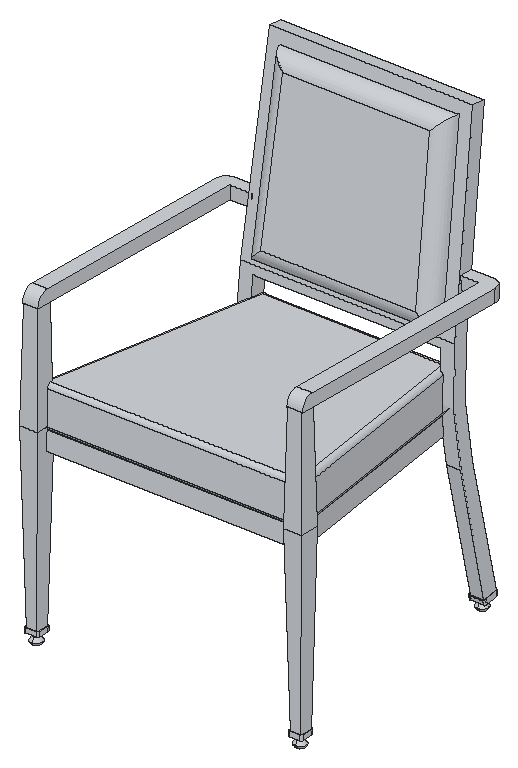
Revit family "Falcon-Metal-Tufgrain_9209-1", category Furniture, Revit 2017
Family settings
  OmniClass Number = 23.40.20.00
  Work Plane-Based = No
  Always vertical = Yes
  Cut with Voids When Loaded = No
  Shared = No
  Room Calculation Point = No
Parameters (values of type "9209-1")
  Width = 23.01254"
  URL = "URL"
  Seat Material [instance] = none
  Product Documentation Link = "URL"
  Model = "9209-1 Arm Chair"
  Manufacturer = "Manuf"
  Inside Backrest Material [instance] = none
  Height = 37.15107"
  Frame Material [instance] = none
  Description = "Tufgrain Arm Chair"
  Depth = 23.48213"
  Copyright © = "Inc"
  Outside Backrest Material [instance] = none
  Assembly Code = "E2020200"
Reference planes
  plane 1 "Center (Front/Back)": y = 0
  plane 2: z = 0
  plane 3 "Center (Left/Right)": x = 0
  plane 4 "Left": x = -292.259
  plane 5 "Right": x = 292.259
  plane 6: through (0, -237.364, 403.699) normal (0, -0.0357, -0.9994)
  plane 7: through (0, 144.761, 650.64) normal (0, 0.1534, -0.9882)
  plane 8: y = 298.223
  plane 9: y = -298.223
  plane 10: through (0, 227.857, 646.17) normal (0, 0.0294, 0.9996)
  plane 11: through (-213.475, -1524, 883.411) normal (0.9996, 0, -0.0281)
  plane 12: through (0, 269.56, 869.531) normal (0, -0.9892, 0.1466)
  plane 13: z = 943.637
Forms (mm)
  Revolve 1, solid
    sketch origin (-274.958, -11.747, 0) x (0, 1, 0) y (0, 0, -1)
      loop
        line (-267.038, -21.044) -> (-262.973, -21.044) -> (-261.427, -12.44) -> (-254.896, -3.773) -> (-257.538, 0) -> (-267.038, 0) -> (-267.038, -21.044)
      axis (-267.038, 0) -> (-267.038, -21.044)
    angle from 0 to 360
  Extrusion 2, void
    sketch origin (0, 0, 0) x (1, 0, 0) y (0, 1, 0)
      loop
        line (-214.022, 233.144) -> (-214.022, 325.219) -> (-341.022, 325.219) -> (-341.022, -335.181) -> (-292.259, -335.181) -> (-292.259, 207.744)
        arc (-292.259, 207.744) -> (-284.82, 225.704) -> (-266.859, 233.144) r 25.4
        line (-266.859, 233.144) -> (-214.022, 233.144)
      loop
        line (-259.76, 207.007) -> (-259.76, -335.181) -> (-196.767, -335.181) -> (-196.767, 207.007) -> (-259.76, 207.007)
      loop
        line (214.022, 233.144) -> (266.859, 233.144)
        arc (266.859, 233.144) -> (284.82, 225.704) -> (292.259, 207.744) r 25.4
        line (292.259, 207.744) -> (292.259, -335.181) -> (341.022, -335.181) -> (341.022, 325.219) -> (214.022, 325.219) -> (214.022, 233.144)
      loop
        line (259.76, 207.007) -> (196.767, 207.007) -> (196.767, -335.181) -> (259.76, -335.181) -> (259.76, 207.007)
    from 602.332 to 680.072
  Extrusion 3, solid, material <- "Frame Material"
    sketch origin (0, 0, 0) x (0, 1, 0) y (0, 0, 1)
      loop
        line (241.295, 645.775) -> (-268.011, 660.759)
        spline (-268.011, 660.759) -> (-271.253, 660.621) -> (-274.454, 660.019) -> (-277.558, 658.964) -> (-280.513, 657.474) -> (-283.268, 655.574) -> (-285.775, 653.296) -> (-287.991, 650.68) -> (-289.88, 647.771) -> (-291.408, 644.617) -> (-292.55, 641.274) -> (-293.285, 637.798) -> (-293.602, 634.249)
        line (-293.602, 634.249) -> (240.494, 618.535) -> (241.295, 645.775)
    from -325.585 to -214.022
  Extrusion 4, solid, material <- "Frame Material"
    sketch origin (0, 0, 0) x (0, 1, 0) y (0, 0, -1)
      loop
        line (241.295, -645.775) -> (240.494, -618.535) -> (-293.602, -634.249)
        spline (-293.602, -634.249) -> (-293.285, -637.798) -> (-292.55, -641.274) -> (-291.408, -644.617) -> (-289.88, -647.771) -> (-287.991, -650.68) -> (-285.775, -653.296) -> (-283.268, -655.574) -> (-280.513, -657.474) -> (-277.558, -658.964) -> (-274.454, -660.019) -> (-271.253, -660.621) -> (-268.011, -660.759)
        line (-268.011, -660.759) -> (241.295, -645.775)
    from -325.585 to -214.022
  Extrusion 5, solid, material <- "Frame Material"
    sketch origin (0, 0, 0) x (0, 1, 0) y (0, 0, 1)
      loop
        line (-258.223, 406.446) -> (-262.71, 633.34) -> (-293.718, 634.252) -> (-298.223, 406.446) -> (-290.723, 21.446) -> (-265.723, 21.446) -> (-258.223, 406.446)
    from -304.8 to 304.8
  Extrusion 6, void
    sketch origin (0, 0, 0) x (1, 0, 0) y (0, 0, 1)
      loop
        line (-293.717, 406.446) -> (-285.799, 0) -> (-264.834, 0) -> (-256.917, 406.446) -> (-261.776, 652.186) -> (-288.857, 652.186) -> (-293.717, 406.446)
      loop
        line (293.717, 406.446) -> (288.857, 652.186) -> (261.776, 652.186) -> (256.917, 406.446) -> (264.834, 0) -> (285.799, 0) -> (293.717, 406.446)
      loop
        line (-342.99, 698.893) -> (-342.99, -37.707) -> (342.81, -37.707) -> (342.81, 698.893) -> (-342.99, 698.893)
    from 245.836 to 304.8
  Extrusion 7, solid, material <- "Frame Material"
    sketch origin (0, 0, 0) x (0, 1, 0) y (0, 0, 1)
      loop
        line (279.883, 939.175) -> (250.259, 943.732) -> (188.662, 528.163)
        arc (188.662, 528.163) -> (181.435, 408.972) -> (194.855, 290.319) r 690.372
        line (194.855, 290.319) -> (247.967, 27.242) -> (277.347, 33.168) -> (224.234, 296.25)
        arc (224.234, 296.25) -> (211.397, 409.752) -> (218.311, 523.768) r 660.4
        line (218.311, 523.768) -> (279.883, 939.175)
    from -330.2 to 330.2
  Extrusion 8, void
    sketch origin (0, 0, 0) x (1, 0, 0) y (0, 0, 1)
      loop
        line (-210.522, 988.348) -> (-237.87, 16.647) -> (-209.45, 16.647) -> (-195.554, 510.377) -> (195.554, 510.377) -> (209.45, 16.647) -> (237.87, 16.647) -> (210.522, 988.348) -> (182.113, 988.348) -> (182.748, 965.776) -> (-182.748, 965.776) -> (-182.113, 988.348) -> (-210.522, 988.348)
      loop
        line (-381.804, 1010.695) -> (-381.804, -56.105) -> (380.196, -56.105) -> (380.196, 1010.695) -> (-381.804, 1010.695)
    from -323.555 to -156.059
  Extrusion 9, solid, material <- "Frame Material"
    sketch origin (0, -237.364, 403.699) x (0, -0.999363, 0.035681) y (-1, 0, 0)
      loop
        line (-445.639, 196.767) -> (-445.639, -196.767) -> (38.399, -272.886) -> (38.399, 272.886) -> (-445.639, 196.767)
      loop
        line (18.399, 249.495) -> (-210.26, 213.537) -> (-210.26, -213.537) -> (18.399, -249.495) -> (18.399, 249.495)
      loop
        line (-231.193, 210.245) -> (-425.639, 179.666) -> (-425.639, -179.666) -> (-231.193, -210.245) -> (-231.193, 210.245)
    from 2.701 to 42.701
  Extrusion 10, solid, material <- "Seat Material"
    sketch origin (0, -237.364, 403.699) x (0, -0.999363, 0.035681) y (-1, 0, 0)
      loop
        line (28.478, -261.499) -> (28.478, 261.499) -> (-436.711, 188.491) -> (-436.711, -188.491) -> (28.478, -261.499)
    from 2.701 to -82.25
  Sweep 11, solid, material <- "Seat Material"
    path in 3D
      loop
        line (261.499, -262.89, 486.913) -> (188.491, 202.004, 470.314) -> (-188.491, 202.004, 470.314) -> (-261.499, -262.89, 486.913) -> (261.499, -262.89, 486.913)
    profile origin (0, -262.89, 486.913) x (0, 0.999363, -0.035681) y (0, 0.035681, 0.999363)
      loop
        arc (0, 0) -> (-7.048, -2.919) -> (-9.968, -9.968) r 9.968
        line (-9.968, -9.968) -> (-9.968, -80)
        arc (-9.968, -80) -> (-8.508, -83.524) -> (-4.984, -84.984) r 4.984
        line (-4.984, -84.984) -> (0, -84.984) -> (0, 0)
  Extrusion 12, solid, material <- "Inside Backrest Material"
    sketch origin (0, 269.56, 869.531) x (0, 0.14662, 0.989193) y (-1, 0, 0)
      loop
        line (-304.873, -161.821) -> (12.35, -153.887) -> (12.35, 153.887) -> (-304.873, 161.821) -> (-304.873, -161.821)
    from 29.972 to 60.46
  Extrusion 13, solid
    sketch origin (0, -265.723, 21.446) x (-1, 0, 0) y (0, 1, 0)
      loop
        line (289.817, -23.444) -> (289.817, -1.537)
        arc (289.817, -1.537) -> (288.781, 0.964) -> (286.279, 2) r 3.537
        line (286.279, 2) -> (264.373, 2)
        arc (264.373, 2) -> (261.858, 0.958) -> (260.817, -1.556) r 3.556
        line (260.817, -1.556) -> (260.817, -23.444)
        arc (260.817, -23.444) -> (261.858, -25.958) -> (264.373, -27) r 3.556
        line (264.373, -27) -> (286.261, -27)
        arc (286.261, -27) -> (288.775, -25.958) -> (289.817, -23.444) r 3.556
      loop
        arc (-289.817, -23.444) -> (-288.775, -25.958) -> (-286.261, -27) r 3.556
        line (-286.261, -27) -> (-264.373, -27)
        arc (-264.373, -27) -> (-261.858, -25.958) -> (-260.817, -23.444) r 3.556
        line (-260.817, -23.444) -> (-260.817, -1.556)
        arc (-260.817, -1.556) -> (-261.858, 0.958) -> (-264.373, 2) r 3.556
        line (-264.373, 2) -> (-286.279, 2)
        arc (-286.279, 2) -> (-288.781, 0.964) -> (-289.817, -1.537) r 3.537
        line (-289.817, -1.537) -> (-289.817, -23.444)
    from 1.999 to -8.005
  Extrusion 14, solid
    sketch origin (0, 275.798, 32.856) x (0, -0.980254, -0.197744) y (-1, 0, 0)
      loop
        arc (-0.045, 239.658) -> (-2.554, 238.603) -> (-3.582, 236.083) r 3.556
        line (-3.582, 236.083) -> (-3.431, 208.942)
        arc (-3.431, 208.942) -> (-2.375, 206.434) -> (0.145, 205.406) r 3.556
        line (0.145, 205.406) -> (27.033, 205.556)
        arc (27.033, 205.556) -> (29.541, 206.611) -> (30.569, 209.131) r 3.556
        line (30.569, 209.131) -> (30.418, 236.272)
        arc (30.418, 236.272) -> (29.362, 238.78) -> (26.842, 239.808) r 3.556
        line (26.842, 239.808) -> (-0.045, 239.658)
      loop
        line (-0.045, -239.658) -> (26.842, -239.808)
        arc (26.842, -239.808) -> (29.362, -238.78) -> (30.418, -236.272) r 3.556
        line (30.418, -236.272) -> (30.569, -209.131)
        arc (30.569, -209.131) -> (29.541, -206.611) -> (27.033, -205.556) r 3.556
        line (27.033, -205.556) -> (0.145, -205.406)
        arc (0.145, -205.406) -> (-2.375, -206.434) -> (-3.431, -208.942) r 3.556
        line (-3.431, -208.942) -> (-3.582, -236.083)
        arc (-3.582, -236.083) -> (-2.554, -238.603) -> (-0.045, -239.658) r 3.556
    from 0 to 9.631
  Revolve 15, solid
    sketch origin (220.983, -3.731, 0) x (0, -1, 0) y (0, 0, -1)
      loop
        line (-267.038, -21.044) -> (-262.973, -21.044) -> (-261.427, -12.44) -> (-254.896, -3.773) -> (-257.538, 0) -> (-267.038, 0) -> (-267.038, -21.044)
      axis (-267.038, 0) -> (-267.038, -21.044)
    angle from 0 to 360
  Revolve 16, solid
    sketch origin (274.958, -11.747, 0) x (0, 1, 0) y (0, 0, 1)
      loop
        line (-267.038, 21.044) -> (-267.038, 0) -> (-257.538, 0) -> (-254.896, 3.773) -> (-261.427, 12.44) -> (-262.973, 21.044) -> (-267.038, 21.044)
      axis (-267.038, 0) -> (-267.038, 21.044)
    angle from 0 to 360
  Revolve 17, solid
    sketch origin (-220.983, -3.731, 0) x (0, -1, 0) y (0, 0, 1)
      loop
        line (-267.038, 21.044) -> (-267.038, 0) -> (-257.538, 0) -> (-254.896, 3.773) -> (-261.427, 12.44) -> (-262.973, 21.044) -> (-267.038, 21.044)
      axis (-267.038, 0) -> (-267.038, 21.044)
    angle from 0 to 360
  Revolve 18, solid
    sketch origin (220.983, -3.731, 0) x (0, -1, 0) y (0, 0, -1)
      loop
        line (-267.038, -21.044) -> (-262.973, -21.044) -> (-261.427, -12.44) -> (-254.896, -3.773) -> (-257.538, 0) -> (-267.038, 0) -> (-267.038, -21.044)
      axis (-267.038, 0) -> (-267.038, -21.044)
    angle from 0 to 360
  Revolve 19, solid
    sketch origin (274.958, -11.747, 0) x (0, 1, 0) y (0, 0, 1)
      loop
        line (-267.038, 21.044) -> (-267.038, 0) -> (-257.538, 0) -> (-254.896, 3.773) -> (-261.427, 12.44) -> (-262.973, 21.044) -> (-267.038, 21.044)
      axis (-267.038, 0) -> (-267.038, 21.044)
    angle from 0 to 360
  Sweep 20, solid, material <- "Inside Backrest Material"
    path in 3D
      loop
        line (-153.887, 211.564, 890.612) -> (-161.821, 165.053, 576.818) -> (161.821, 165.053, 576.818) -> (153.887, 211.564, 890.612) -> (-153.887, 211.564, 890.612)
    profile origin (0, 211.564, 890.612) x (0, -0.14662, -0.989193) y (0, -0.989193, 0.14662)
      loop
        arc (0, 0) -> (-22.148, -8.835) -> (-32.133, -30.488) r 32.178
        line (-32.133, -30.488) -> (0, -30.488) -> (0, 0)
Cuts and joins
  Extrusion 2 cuts Extrusion 3
  Extrusion 2 cuts Extrusion 4
  Extrusion 6 cuts Extrusion 5
  Extrusion 8 cuts Extrusion 7
  joined: Extrusion 5, Extrusion 7, Extrusion 9
  joined: Extrusion 10, Sweep 11
  joined: Extrusion 12, Sweep 20
Lines and regions (mm)
  Masking region 1
    outline origin (0, 0, 0) x (1, 0, 0) y (0, 1, 0)
      loop
        line (-292.259, 207.744) -> (-292.259, -298.223) -> (-256.917, -298.223) -> (-256.917, -277.262) -> (256.917, -277.262) -> (256.917, -298.223) -> (292.259, -298.223) -> (292.259, 207.744)
        arc (292.259, 207.744) -> (284.82, 225.704) -> (266.859, 233.144) r 25.4
        line (266.859, 233.144) -> (235.506, 233.144) -> (237.318, 246.141)
        spline (237.318, 246.141) -> (237.671, 246.27) -> (238.008, 246.435) -> (238.325, 246.635) -> (238.619, 246.865) -> (238.886, 247.125) -> (239.124, 247.412) -> (239.33, 247.721) -> (239.501, 248.05) -> (239.636, 248.395) -> (239.732, 248.752) -> (239.79, 249.117) -> (239.808, 249.486)
        line (239.808, 249.486) -> (239.646, 278.019)
        spline (239.646, 278.019) -> (239.582, 278.447) -> (239.464, 278.865) -> (239.294, 279.265) -> (239.075, 279.641) -> (238.809, 279.988) -> (238.502, 280.3) -> (238.158, 280.572) -> (237.782, 280.8) -> (237.38, 280.981) -> (236.959, 281.111) -> (236.524, 281.189) -> (236.083, 281.214)
        line (236.083, 281.214) -> (210.439, 281.074)
        spline (210.439, 281.074) -> (210.137, 282.51) -> (209.839, 283.991) -> (209.543, 285.516) -> (209.251, 287.085) -> (208.962, 288.697) -> (208.676, 290.351) -> (208.394, 292.048) -> (208.115, 293.786) -> (207.84, 295.565) -> (207.568, 297.384) -> (207.301, 299.244) -> (207.037, 301.143)
        line (207.037, 301.143) -> (178.502, 301.143) -> (178.264, 297.809) -> (-178.264, 297.809) -> (-178.502, 301.143) -> (-207.037, 301.143)
        spline (-207.037, 301.143) -> (-207.301, 299.244) -> (-207.568, 297.384) -> (-207.84, 295.565) -> (-208.115, 293.786) -> (-208.394, 292.048) -> (-208.676, 290.351) -> (-208.962, 288.697) -> (-209.251, 287.085) -> (-209.543, 285.516) -> (-209.839, 283.991) -> (-210.137, 282.51) -> (-210.439, 281.074)
        line (-210.439, 281.074) -> (-236.083, 281.214)
        spline (-236.083, 281.214) -> (-236.524, 281.189) -> (-236.959, 281.111) -> (-237.38, 280.981) -> (-237.782, 280.8) -> (-238.158, 280.572) -> (-238.502, 280.3) -> (-238.809, 279.988) -> (-239.075, 279.641) -> (-239.294, 279.265) -> (-239.464, 278.865) -> (-239.582, 278.447) -> (-239.646, 278.019)
        line (-239.646, 278.019) -> (-239.808, 249.486)
        spline (-239.808, 249.486) -> (-239.79, 249.117) -> (-239.732, 248.752) -> (-239.636, 248.395) -> (-239.501, 248.05) -> (-239.33, 247.721) -> (-239.124, 247.412) -> (-238.886, 247.125) -> (-238.619, 246.865) -> (-238.325, 246.635) -> (-238.008, 246.435) -> (-237.671, 246.27) -> (-237.318, 246.141)
        line (-237.318, 246.141) -> (-235.506, 233.144) -> (-266.859, 233.144)
        arc (-266.859, 233.144) -> (-284.82, 225.704) -> (-292.259, 207.744) r 25.4
      loop
        line (-259.76, 207.007) -> (-259.76, -192.417) -> (-200.967, 181.201) -> (-226.323, 181.201)
        spline (-226.323, 181.201) -> (-226.767, 181.382) -> (-227.21, 181.923) -> (-227.654, 182.824) -> (-228.097, 184.085) -> (-228.538, 185.705) -> (-228.979, 187.683) -> (-229.418, 190.019) -> (-229.856, 192.711) -> (-230.291, 195.757) -> (-230.725, 199.157) -> (-231.157, 202.907) -> (-231.585, 207.007)
        line (-231.585, 207.007) -> (-259.76, 207.007)
      loop
        line (259.76, 207.007) -> (231.585, 207.007)
        spline (231.585, 207.007) -> (231.157, 202.907) -> (230.725, 199.157) -> (230.291, 195.757) -> (229.856, 192.711) -> (229.418, 190.019) -> (228.979, 187.683) -> (228.538, 185.705) -> (228.097, 184.085) -> (227.654, 182.824) -> (227.21, 181.923) -> (226.767, 181.382) -> (226.323, 181.201)
        line (226.323, 181.201) -> (200.967, 181.201) -> (259.76, -192.417) -> (259.76, 207.007)
  sketch lines
    curve 1: line (-261.499, -262.89, 486.913) -> (261.499, -262.89, 486.913)
    curve 2: line (261.499, -262.89, 486.913) -> (188.491, 202.004, 470.314)
    curve 3: line (188.491, 202.004, 470.314) -> (-188.491, 202.004, 470.314)
    curve 4: line (-188.491, 202.004, 470.314) -> (-261.499, -262.89, 486.913)
    curve 40: line (153.887, 211.564, 890.612) -> (-153.887, 211.564, 890.612)
    curve 41: line (-153.887, 211.564, 890.612) -> (-161.821, 165.053, 576.818)
    curve 42: line (161.821, 165.053, 576.818) -> (153.887, 211.564, 890.612)
    curve 43: line (-161.821, 165.053, 576.818) -> (161.821, 165.053, 576.818)
  symbolic lines, detail levels medium+fine
    curve 5: line (-230.168, 194.855, 0) -> (-237.572, 247.967, 0)
    curve 6: line (-214.527, 235.776, 0) -> (-223.474, 188.662, 0)
    curve 7: line (-186.874, 238.712, 0) -> (-194.054, 196.618, 0)
    curve 8: line (-194.054, 196.618, 0) -> (-161.061, 169.506, 0)
    curve 9: line (-186.874, 238.712, 0) -> (-184.75, 238.712, 0)
    curve 10: spline (-214.277, 267.393, 0) -> (-213.617, 269.186, 0) -> (-212.965, 271.174, 0) -> (-212.321, 273.355, 0) -> (-211.687, 275.726, 0) -> (-211.062, 278.284, 0) -> (-210.449, 281.026, 0) -> (-209.847, 283.949, 0) -> (-209.257, 287.049, 0) -> (-208.681, 290.323, 0) -> (-208.118, 293.766, 0) -> (-207.57, 297.374, 0) -> (-207.037, 301.143, 0)
    curve 11: line (-223.597, 218.311, 0) -> (-214.277, 267.393, 0)
    curve 12: spline (-205.189, 275.124, 0) -> (-205.878, 270.522, 0) -> (-206.586, 266.142, 0) -> (-207.314, 261.991, 0) -> (-208.059, 258.075, 0) -> (-208.821, 254.398, 0) -> (-209.598, 250.967, 0) -> (-210.39, 247.787, 0) -> (-211.195, 244.86, 0) -> (-212.013, 242.192, 0) -> (-212.841, 239.787, 0) -> (-213.68, 237.647, 0) -> (-214.527, 235.776, 0)
    curve 13: line (-207.037, 301.143, 0) -> (-205.189, 275.124, 0)
    curve 14: line (-205.189, 275.124, 0) -> (-176.644, 275.124, 0)
    curve 15: line (-176.644, 275.124, 0) -> (-178.264, 297.809, 0)
    curve 16: line (-176.747, 276.572, 0) -> (176.747, 276.572, 0)
    curve 17: line (178.708, 262.389, 0) -> (-178.708, 262.389, 0)
    curve 18: line (183.303, 242.828, 0) -> (-183.303, 242.828, 0)
    curve 19: spline (-184.75, 238.712, 0) -> (-184.017, 240.687, 0) -> (-183.291, 242.864, 0) -> (-182.575, 245.24, 0) -> (-181.868, 247.814, 0) -> (-181.171, 250.581, 0) -> (-180.485, 253.541, 0) -> (-179.812, 256.688, 0) -> (-179.15, 260.02, 0) -> (-178.502, 263.534, 0) -> (-177.868, 267.225, 0) -> (-177.248, 271.09, 0) -> (-176.644, 275.124, 0)
    curve 20: line (-292.259, -293.718, 0) -> (-259.76, -293.718, 0)
    curve 21: line (-259.76, -192.417, 0) -> (-259.76, -293.718, 0)
    curve 22: line (-256.917, -275.835, 0) -> (-256.917, -298.223, 0)
    curve 23: line (-293.717, -298.223, 0) -> (-256.917, -298.223, 0)
    curve 24: line (-259.76, -275.835, 0) -> (256.996, -275.835, 0)
    curve 25: line (230.168, 194.855, 0) -> (237.572, 247.967, 0)
    curve 26: line (214.527, 235.776, 0) -> (223.474, 188.662, 0)
    curve 27: line (186.874, 238.712, 0) -> (194.054, 196.618, 0)
    curve 28: line (194.054, 196.618, 0) -> (161.061, 169.506, 0)
    curve 29: line (186.874, 238.712, 0) -> (184.75, 238.712, 0)
    curve 30: spline (214.277, 267.393, 0) -> (213.617, 269.186, 0) -> (212.965, 271.174, 0) -> (212.321, 273.355, 0) -> (211.687, 275.726, 0) -> (211.062, 278.284, 0) -> (210.449, 281.026, 0) -> (209.847, 283.949, 0) -> (209.257, 287.049, 0) -> (208.681, 290.323, 0) -> (208.118, 293.766, 0) -> (207.57, 297.374, 0) -> (207.037, 301.143, 0)
    curve 31: line (223.597, 218.311, 0) -> (214.277, 267.393, 0)
    curve 32: spline (205.189, 275.124, 0) -> (205.878, 270.522, 0) -> (206.586, 266.142, 0) -> (207.314, 261.991, 0) -> (208.059, 258.075, 0) -> (208.821, 254.398, 0) -> (209.598, 250.967, 0) -> (210.39, 247.787, 0) -> (211.195, 244.86, 0) -> (212.013, 242.192, 0) -> (212.841, 239.787, 0) -> (213.68, 237.647, 0) -> (214.527, 235.776, 0)
    curve 33: line (207.037, 301.143, 0) -> (205.189, 275.124, 0)
    curve 34: line (205.189, 275.124, 0) -> (176.644, 275.124, 0)
    curve 35: line (176.644, 275.124, 0) -> (178.264, 297.809, 0)
    curve 36: spline (184.75, 238.712, 0) -> (184.017, 240.687, 0) -> (183.291, 242.864, 0) -> (182.575, 245.24, 0) -> (181.868, 247.814, 0) -> (181.171, 250.581, 0) -> (180.485, 253.541, 0) -> (179.812, 256.688, 0) -> (179.15, 260.02, 0) -> (178.502, 263.534, 0) -> (177.868, 267.225, 0) -> (177.248, 271.09, 0) -> (176.644, 275.124, 0)
    curve 37: line (-161.061, 169.506, 0) -> (161.061, 169.506, 0)
    curve 38: line (259.76, -192.417, 0) -> (259.76, -293.718, 0)
    curve 39: line (259.76, -293.718, 0) -> (292.259, -293.718, 0)
Dimensions and locks
  equal spacing: plane 4 "Left", plane 3 "Center (Left/Right)", plane 5 "Right"
  "Width": plane 4 "Left" to plane 5 "Right"
  equal spacing: plane 8, plane 1 "Center (Front/Back)", plane 9
  "Depth": plane 8 to plane 9
  "Height": plane 13 to plane 2
  aligned and locked: level to plane 2
  aligned and locked: plane 3 "Center (Left/Right)" to nested 1
  aligned and locked: plane 1 "Center (Front/Back)" to nested 1
Automatic sketch dimensions
  Revolve 1 sketch curve to level = 0.00"
  plane 9 to Revolve 1 sketch curve = 0.76528"
  Revolve 1 sketch curve to Revolve 1 sketch curve = 0.16001"
  level to Revolve 1 sketch curve = 0.48976"
  Revolve 1 sketch curve to Revolve 1 sketch curve = 0.06089"
  Revolve 1 sketch curve to Revolve 1 sketch curve = 0.37402"
  level to Revolve 1 sketch curve = 0.14854"
  Revolve 1 sketch curve to Revolve 1 sketch curve = 0.10401"
  Revolve 1 sketch curve to Revolve 1 sketch curve = 0.33872"
  Revolve 1 sketch curve to Revolve 1 sketch curve = 0.00"
  Revolve 1 sketch curve to Revolve 1 sketch curve = 0.10216"
  Revolve 1 sketch curve to Revolve 1 sketch curve = 0.45093"
  Extrusion 2 sketch curve to plane 4 "Left" = 0.00"
  Extrusion 2 sketch curve to plane 5 "Right" = 0.00"
  Extrusion 2 sketch curve to plane 4 "Left" = 1.9198"
  plane 4 "Left" to Extrusion 2 sketch curve = 1.00"
  Extrusion 2 sketch curve to Extrusion 2 sketch curve = 0.27952"  (x2)
  plane 8 to Extrusion 2 sketch curve = 1.06283"  (x2)
  plane 4 "Left" to Extrusion 2 sketch curve = 3.0802"
  Extrusion 2 sketch curve to Extrusion 2 sketch curve = 2.48003"
  Extrusion 2 sketch curve to plane 9 = 1.45504"  (x3)
  plane 5 "Right" to Extrusion 2 sketch curve = 3.75955"
  plane 5 "Right" to Extrusion 2 sketch curve = 3.0802"
  plane 5 "Right" to Extrusion 2 sketch curve = 1.27952"
  Extrusion 2 sketch curve to plane 5 "Right" = 1.9198"
  Extrusion 2 sketch curve to Extrusion 2 sketch curve = 0.00"
  Extrusion 2 sketch curve to plane 8 = 3.59116"  (x2)
  Extrusion 2 sketch curve to Extrusion 2 sketch curve = 0.02899"  (x2)
  Extrusion 3 sketch curve to plane 10 = 0.00"  (x2)
  plane 9 to Extrusion 3 sketch curve = 0.18193"
  Extrusion 3 sketch curve to plane 8 = 2.2728"
  level to Extrusion 3 sketch curve = 25.4242"
  Extrusion 3 sketch curve to Extrusion 3 sketch curve = 0.97598"
  Extrusion 3 sketch curve to Extrusion 3 sketch curve = 0.00"
  Extrusion 4 sketch curve to plane 10 = 0.00"  (x2)
  plane 9 to Extrusion 4 sketch curve = 0.18193"
  Extrusion 4 sketch curve to plane 8 = 2.2728"
  level to Extrusion 4 sketch curve = 25.4242"
  Extrusion 4 sketch curve to Extrusion 4 sketch curve = 0.97598"
  Extrusion 4 sketch curve to Extrusion 4 sketch curve = 0.00"
  Extrusion 5 sketch curve to plane 9 = 0.00"
  plane 9 to Extrusion 5 sketch curve = 0.17736"
  plane 9 to Extrusion 5 sketch curve = 0.29528"
  Extrusion 5 sketch curve to Extrusion 5 sketch curve = 0.98425"
  Extrusion 5 sketch curve to Extrusion 5 sketch curve = 1.22079"
  plane 9 to Extrusion 5 sketch curve = 1.5748"
  level to Extrusion 5 sketch curve = 0.84434"
  Extrusion 5 sketch curve to Extrusion 5 sketch curve = 15.15748"
  Extrusion 5 sketch curve to Extrusion 5 sketch curve = 0.00"
  Extrusion 5 sketch curve to Extrusion 5 sketch curve = 8.93281"
  Extrusion 5 sketch curve to Extrusion 5 sketch curve = 0.03592"
  Extrusion 6 sketch curve to level = 0.00"  (x2)
  plane 4 "Left" to Extrusion 6 sketch curve = 0.25435"
  plane 4 "Left" to Extrusion 6 sketch curve = 1.07972"
  plane 4 "Left" to Extrusion 6 sketch curve = 21.93283"
  plane 4 "Left" to Extrusion 6 sketch curve = 22.7582"
  Extrusion 6 sketch curve to plane 3 "Center (Left/Right)" = 11.37233"
  Extrusion 6 sketch curve to Extrusion 6 sketch curve = 0.19132"  (x2)
  Extrusion 6 sketch curve to Extrusion 6 sketch curve = 2.13122"
  Extrusion 6 sketch curve to Extrusion 6 sketch curve = 1.06617"  (x2)
  Extrusion 6 sketch curve to Extrusion 6 sketch curve = 1.44882"  (x2)
  plane 3 "Center (Left/Right)" to Extrusion 6 sketch curve = 10.11483"
  Extrusion 6 sketch curve to Extrusion 6 sketch curve = 2.12413"
  Extrusion 6 sketch curve to level = 1.48454"
  level to Extrusion 6 sketch curve = 16.00182"  (x2)
  Extrusion 6 sketch curve to Extrusion 6 sketch curve = 0.00"  (x2)
  Extrusion 6 sketch curve to Extrusion 6 sketch curve = 9.67478"  (x2)
  Extrusion 6 sketch curve to Extrusion 6 sketch curve = 1.83886"
  Extrusion 7 sketch curve to Extrusion 7 sketch curve = 0.00"  (x2)
  Extrusion 7 sketch curve to plane 8 = 4.31341"
  Extrusion 7 sketch curve to plane 8 = 4.06962"
  Extrusion 7 sketch curve to Extrusion 7 sketch curve = 1.16725"
  Extrusion 7 sketch curve to Extrusion 7 sketch curve = 1.15666"
  Extrusion 7 sketch curve to plane 8 = 1.88834"
  Extrusion 7 sketch curve to plane 8 = 1.9786"
  Extrusion 7 sketch curve to plane 8 = 0.72205"
  Extrusion 7 sketch curve to plane 8 = 0.8219"
  Extrusion 7 sketch curve to Extrusion 7 sketch curve = 0.17301"
  level to Extrusion 7 sketch curve = 1.07251"
  plane 5 "Right" to Extrusion 9 sketch curve = 3.75955"
  plane 5 "Right" to Extrusion 9 sketch curve = 4.4328"
  Extrusion 9 sketch curve to Extrusion 9 sketch curve = 0.7874"  (x2)
  plane 4 "Left" to Extrusion 9 sketch curve = 3.22893"
  Extrusion 9 sketch curve to Extrusion 9 sketch curve = 7.65537"
  plane 5 "Right" to Extrusion 9 sketch curve = 3.09932"
  Extrusion 9 sketch curve to Extrusion 9 sketch curve = 0.82413"
  plane 4 "Left" to Extrusion 9 sketch curve = 1.68363"
  Extrusion 9 sketch curve to Extrusion 9 sketch curve = 9.0023"
  plane 5 "Right" to Extrusion 9 sketch curve = 0.76273"
  Extrusion 9 sketch curve to Extrusion 9 sketch curve = 0.9209"
  Extrusion 9 sketch curve to Extrusion 9 sketch curve = 0.1296"  (x2)
  plane 4 "Left" to Extrusion 9 sketch curve = 4.4328"
  Extrusion 9 sketch curve to Extrusion 9 sketch curve = 0.67325"
  plane 4 "Left" to Extrusion 9 sketch curve = 0.76273"
  plane 5 "Right" to Extrusion 10 sketch curve = 4.08536"
  plane 5 "Right" to Extrusion 10 sketch curve = 1.21103"
  Extrusion 10 sketch curve to Extrusion 10 sketch curve = 18.31454"
  plane 4 "Left" to Extrusion 10 sketch curve = 4.08536"
  plane 4 "Left" to Extrusion 10 sketch curve = 1.21103"
  Sweep 11 sketch curve to profile plane = 0.00"  (x2)
  profile plane to Sweep 11 sketch curve = 0.19621"
  Sweep 11 sketch curve to Sweep 11 sketch curve = 0.19621"
  Sweep 11 sketch curve to Sweep 11 sketch curve = 2.75718"
  Sweep 11 sketch curve to Sweep 11 sketch curve = 0.00"
  plane 4 "Left" to Extrusion 12 sketch curve = 5.13537"
  Extrusion 12 sketch curve to Extrusion 12 sketch curve = 12.48906"
  plane 4 "Left" to Extrusion 12 sketch curve = 5.44771"
  plane 5 "Right" to Extrusion 12 sketch curve = 5.44771"
  plane 5 "Right" to Extrusion 12 sketch curve = 5.13537"
  Extrusion 13 sketch curve to Extrusion 5 = 0.06126"  (x4)
  Extrusion 13 sketch curve to Extrusion 5 = 0.58989"
  Extrusion 13 sketch curve to Extrusion 5 = 0.07874"  (x2)
  Extrusion 13 sketch curve to Extrusion 13 sketch curve = 0.13926"  (x2)
  Extrusion 13 sketch curve to Extrusion 13 sketch curve = 0.14"  (x2)
  Extrusion 13 sketch curve to Extrusion 13 sketch curve = 0.86247"
  Extrusion 13 sketch curve to Extrusion 13 sketch curve = 0.86173"
  Extrusion 13 sketch curve to Extrusion 5 = 1.73163"
  Extrusion 5 to Extrusion 13 sketch curve = 0.07874"
  Extrusion 13 sketch curve to Extrusion 5 = 0.72989"
  Extrusion 7 to Extrusion 14 sketch curve = 0.07881"  (x2)
  Extrusion 7 to Extrusion 14 sketch curve = 0.07287"  (x2)
  Extrusion 14 sketch curve to Extrusion 7 = 0.06041"  (x2)
  Extrusion 14 sketch curve to Extrusion 7 = 0.06119"  (x2)
  Extrusion 14 sketch curve to Extrusion 7 = 0.06713"  (x2)
  Extrusion 14 sketch curve to Extrusion 7 = 0.06791"  (x2)
  Extrusion 7 to Extrusion 14 sketch curve = 0.06102"  (x2)
  Extrusion 7 to Extrusion 14 sketch curve = 0.06024"  (x2)
  Extrusion 7 to Extrusion 14 sketch curve = 0.0543"  (x2)
  Extrusion 7 to Extrusion 14 sketch curve = 0.05352"  (x2)
  Extrusion 14 sketch curve to Extrusion 7 = 0.07975"  (x2)
  Extrusion 14 sketch curve to Extrusion 7 = 0.0857"  (x2)
  Extrusion 7 to Extrusion 14 sketch curve = 3.55875"
  Extrusion 14 sketch curve to Extrusion 14 sketch curve = 0.00589"  (x4)
  Extrusion 14 sketch curve to Extrusion 14 sketch curve = 0.13922"  (x2)
  Extrusion 14 sketch curve to Extrusion 14 sketch curve = 0.14"  (x2)
  Extrusion 14 sketch curve to Extrusion 14 sketch curve = 1.06851"  (x2)
  Extrusion 14 sketch curve to Extrusion 14 sketch curve = 0.00078"  (x4)
  Extrusion 7 to Extrusion 14 sketch curve = 4.91314"
  Revolve 15 sketch curve to level = 0.00"
  Revolve 15 sketch curve to plane 8 = 1.37465"
  Revolve 15 sketch curve to Revolve 15 sketch curve = 0.16001"
  level to Revolve 15 sketch curve = 0.48976"
  Revolve 15 sketch curve to Revolve 15 sketch curve = 0.06089"
  Revolve 15 sketch curve to Revolve 15 sketch curve = 0.37402"
  level to Revolve 15 sketch curve = 0.14854"
  Revolve 15 sketch curve to Revolve 15 sketch curve = 0.10401"
  Revolve 15 sketch curve to Revolve 15 sketch curve = 0.33872"
  Revolve 15 sketch curve to Revolve 15 sketch curve = 0.00"
  Revolve 15 sketch curve to Revolve 15 sketch curve = 0.10216"
  Revolve 15 sketch curve to Revolve 15 sketch curve = 0.45093"
  Revolve 16 sketch curve to level = 0.00"
  plane 9 to Revolve 16 sketch curve = 0.76528"
  Revolve 16 sketch curve to Revolve 16 sketch curve = 0.16001"
  level to Revolve 16 sketch curve = 0.48976"
  Revolve 16 sketch curve to Revolve 16 sketch curve = 0.06089"
  Revolve 16 sketch curve to Revolve 16 sketch curve = 0.37402"
  level to Revolve 16 sketch curve = 0.14854"
  Revolve 16 sketch curve to Revolve 16 sketch curve = 0.10401"
  Revolve 16 sketch curve to Revolve 16 sketch curve = 0.33872"
  Revolve 16 sketch curve to Revolve 16 sketch curve = 0.00"
  Revolve 16 sketch curve to Revolve 16 sketch curve = 0.10216"
  Revolve 16 sketch curve to Revolve 16 sketch curve = 0.45093"
  Revolve 17 sketch curve to level = 0.00"
  Revolve 17 sketch curve to plane 8 = 1.37465"
  Revolve 17 sketch curve to Revolve 17 sketch curve = 0.16001"
  level to Revolve 17 sketch curve = 0.48976"
  Revolve 17 sketch curve to Revolve 17 sketch curve = 0.06089"
  Revolve 17 sketch curve to Revolve 17 sketch curve = 0.37402"
  level to Revolve 17 sketch curve = 0.14854"
  Revolve 17 sketch curve to Revolve 17 sketch curve = 0.10401"
  Revolve 17 sketch curve to Revolve 17 sketch curve = 0.33872"
  Revolve 17 sketch curve to Revolve 17 sketch curve = 0.00"
  Revolve 17 sketch curve to Revolve 17 sketch curve = 0.10216"
  Revolve 17 sketch curve to Revolve 17 sketch curve = 0.45093"
  Masking region 1 sketch curve to plane 4 "Left" = 0.00"
  Masking region 1 sketch curve to plane 9 = 0.00"  (x2)
  Masking region 1 sketch curve to plane 5 "Right" = 0.00"
  plane 4 "Left" to Masking region 1 sketch curve = 1.00"
  Masking region 1 sketch curve to Masking region 1 sketch curve = 0.27952"  (x2)
  plane 4 "Left" to Masking region 1 sketch curve = 1.39144"
  Masking region 1 sketch curve to Masking region 1 sketch curve = 1.06502"
  Masking region 1 sketch curve to plane 8 = 0.79545"  (x2)
  Masking region 1 sketch curve to Masking region 1 sketch curve = 0.00637"
  Masking region 1 sketch curve to Masking region 1 sketch curve = 0.09804"  (x2)
  Masking region 1 sketch curve to plane 8 = 0.66967"  (x2)
  Masking region 1 sketch curve to Masking region 1 sketch curve = 0.14029"  (x2)
  Masking region 1 sketch curve to Masking region 1 sketch curve = 0.07134"  (x2)
  Masking region 1 sketch curve to Masking region 1 sketch curve = 0.15434"  (x2)
  Masking region 1 sketch curve to Masking region 1 sketch curve = 0.2072"  (x2)
  Masking region 1 sketch curve to plane 8 = 0.67517"  (x2)
  Masking region 1 sketch curve to Masking region 1 sketch curve = 1.0096"  (x2)
  plane 8 to Masking region 1 sketch curve = 0.11496"  (x2)
  Masking region 1 sketch curve to Masking region 1 sketch curve = 0.13393"  (x2)
  Masking region 1 sketch curve to Masking region 1 sketch curve = 0.99824"  (x2)
  Masking region 1 sketch curve to Masking region 1 sketch curve = 1.1234"  (x2)
  Masking region 1 sketch curve to plane 8 = 0.01631"
  Masking region 1 sketch curve to Masking region 1 sketch curve = 0.00938"  (x2)
  plane 5 "Right" to Masking region 1 sketch curve = 4.488"
  plane 5 "Right" to Masking region 1 sketch curve = 3.59418"
  plane 5 "Right" to Masking region 1 sketch curve = 1.39144"
  Masking region 1 sketch curve to Masking region 1 sketch curve = 1.10922"
  plane 9 to Masking region 1 sketch curve = 0.82524"
  Masking region 1 sketch curve to Masking region 1 sketch curve = 3.34034"  (x2)
  Masking region 1 sketch curve to Masking region 1 sketch curve = 3.93198"  (x2)
  Masking region 1 sketch curve to Masking region 1 sketch curve = 1.01599"  (x2)
  Masking region 1 sketch curve to Masking region 1 sketch curve = 0.02899"  (x2)
  Masking region 1 sketch curve to Masking region 1 sketch curve = 0.5117"  (x2)
  Masking region 1 sketch curve to Masking region 1 sketch curve = 0.13169"  (x2)
  Masking region 1 sketch curve to Masking region 1 sketch curve = 0.00049"  (x2)
  Masking region 1 sketch curve to Masking region 1 sketch curve = 0.04196"  (x2)
  Masking region 1 sketch curve to Masking region 1 sketch curve = 0.00078"  (x2)
  Masking region 1 sketch curve to Masking region 1 sketch curve = 0.14"
  Masking region 1 sketch curve to Masking region 1 sketch curve = 0.50077"
  plane 5 "Right" to Masking region 1 sketch curve = 2.84579"
  Masking region 1 sketch curve to Masking region 1 sketch curve = 0.18196"
  Masking region 1 sketch curve to Masking region 1 sketch curve = 0.42546"  (x2)
  Masking region 1 sketch curve to Masking region 1 sketch curve = 17.43098"  (x2)
  Revolve 18 sketch curve to level = 0.00"
  Revolve 18 sketch curve to plane 8 = 1.37465"
  Revolve 18 sketch curve to Revolve 18 sketch curve = 0.16001"
  level to Revolve 18 sketch curve = 0.48976"
  Revolve 18 sketch curve to Revolve 18 sketch curve = 0.06089"
  Revolve 18 sketch curve to Revolve 18 sketch curve = 0.37402"
  level to Revolve 18 sketch curve = 0.14854"
  Revolve 18 sketch curve to Revolve 18 sketch curve = 0.10401"
  Revolve 18 sketch curve to Revolve 18 sketch curve = 0.33872"
  Revolve 18 sketch curve to Revolve 18 sketch curve = 0.00"
  Revolve 18 sketch curve to Revolve 18 sketch curve = 0.10216"
  Revolve 18 sketch curve to Revolve 18 sketch curve = 0.45093"
  Revolve 19 sketch curve to level = 0.00"
  plane 9 to Revolve 19 sketch curve = 0.76528"
  Revolve 19 sketch curve to Revolve 19 sketch curve = 0.16001"
  level to Revolve 19 sketch curve = 0.48976"
  Revolve 19 sketch curve to Revolve 19 sketch curve = 0.06089"
  Revolve 19 sketch curve to Revolve 19 sketch curve = 0.37402"
  level to Revolve 19 sketch curve = 0.14854"
  Revolve 19 sketch curve to Revolve 19 sketch curve = 0.10401"
  Revolve 19 sketch curve to Revolve 19 sketch curve = 0.33872"
  Revolve 19 sketch curve to Revolve 19 sketch curve = 0.00"
  Revolve 19 sketch curve to Revolve 19 sketch curve = 0.10216"
  Revolve 19 sketch curve to Revolve 19 sketch curve = 0.45093"
  curve 23 to plane 9 = 0.00"
  curve 20 to plane 4 "Left" = 0.00"
  curve 39 to plane 5 "Right" = 0.00"
  plane 9 to curve 20 = 0.17736"
  curve 20 to curve 20 = 1.27952"
  curve 20 to curve 22 = 0.11192"
  plane 4 "Left" to curve 6 = 3.06031"
  curve 11 to plane 8 = 1.21379"
  curve 12 to curve 11 = 0.00985"
  plane 8 to curve 13 = 0.11496"
  curve 10 to curve 13 = 0.28506"
  curve 10 to curve 14 = 0.35782"
  curve 6 to curve 8 = 0.80605"
  curve 7 to plane 8 = 2.34294"
  curve 6 to curve 7 = 1.08873"
  curve 7 to curve 9 = 0.0836"
  curve 15 to plane 8 = 0.90941"
  curve 14 to curve 15 = 1.12383"
  curve 7 to curve 37 = 1.29891"
  plane 5 "Right" to curve 37 = 5.16527"
  curve 34 to plane 8 = 0.90941"
  curve 28 to curve 34 = 0.61347"
  curve 34 to curve 29 = 0.31916"
  curve 29 to curve 29 = 0.0836"
  curve 27 to curve 28 = 0.28268"
  curve 34 to curve 34 = 1.12383"
  plane 8 to curve 33 = 0.11496"
  curve 33 to curve 33 = 0.07275"
  curve 31 to plane 8 = 1.21379"
  curve 32 to curve 31 = 0.35782"
  curve 26 to plane 8 = 2.45853"
  curve 27 to curve 26 = 1.08873"
  curve 8 to curve 19 = 2.72466"
  curve 7 to curve 7 = 1.65726"
  curve 28 to curve 27 = 1.0674"
  curve 6 to curve 7 = 0.11559"
  curve 26 to curve 27 = 0.11559"
  curve 23 to plane 4 "Left" = 0.05738"
  curve 5 to curve 12 = 0.90727"
  curve 5 to curve 7 = 1.42181"
  curve 11 to curve 12 = 0.35708"
  curve 5 to curve 6 = 0.26355"
  plane 4 "Left" to curve 10 = 2.84579"
  curve 10 to curve 12 = 0.00007"
  curve 12 to curve 19 = 1.12044"
  curve 9 to curve 18 = 0.05699"
  curve 17 to curve 19 = 0.08128"
  curve 15 to plane 8 = 0.01631"
  curve 15 to curve 14 = 0.0638"
  curve 16 to curve 14 = 0.00407"
  curve 36 to curve 16 = 0.00407"
  curve 35 to plane 8 = 0.01631"
  curve 34 to curve 17 = 0.08128"
  curve 18 to curve 36 = 0.05699"
  curve 32 to curve 32 = 0.21444"
  curve 31 to curve 30 = 0.22436"
  curve 27 to curve 26 = 1.15826"
  curve 32 to curve 31 = 0.14264"
  curve 26 to curve 25 = 0.26355"
  curve 30 to curve 25 = 0.69275"
  plane 5 "Right" to curve 24 = 1.38831"
  plane 9 to curve 38 = 0.17736"
  curve 24 to curve 38 = 0.1088"
  curve 38 to curve 24 = 0.70407"
  curve 24 to curve 21 = 3.28415"
  curve 24 to curve 38 = 3.28415"
  curve 26 to curve 27 = 0.31321"
  curve 6 to curve 7 = 0.31321"
  curve 26 to curve 25 = 0.24379"
  curve 6 to curve 5 = 0.24379"
  curve 31 to curve 32 = 0.68763"
  curve 11 to curve 12 = 0.68763"
  curve 32 to curve 32 = 0.21553"
  curve 12 to curve 12 = 0.21553"
  curve 36 to curve 27 = 0.3311"
  curve 32 to curve 25 = 0.69546"
  curve 12 to curve 5 = 0.69546"
  curve 10 to curve 11 = 0.28029"
  curve 30 to curve 31 = 0.28029"
  Extrusion 8 sketch curve to plane 11 = 0.00"  (x2)
  plane 13 to Extrusion 8 sketch curve = 2.64008"
  Extrusion 8 sketch curve to plane 3 "Center (Left/Right)" = 15.03167"
  level to Extrusion 8 sketch curve = 0.65539"  (x2)
  plane 13 to Extrusion 8 sketch curve = 1.76026"  (x2)
  Extrusion 8 sketch curve to plane 3 "Center (Left/Right)" = 7.69898"
  plane 13 to Extrusion 8 sketch curve = 0.87161"
  Extrusion 8 sketch curve to Extrusion 8 sketch curve = 1.09346"
  Extrusion 8 sketch curve to Extrusion 8 sketch curve = 1.11845"  (x2)
  plane 3 "Center (Left/Right)" to Extrusion 8 sketch curve = 7.16981"
  Extrusion 8 sketch curve to Extrusion 8 sketch curve = 0.02499"
  plane 3 "Center (Left/Right)" to Extrusion 8 sketch curve = 7.69898"
  plane 4 "Left" to Extrusion 8 sketch curve = 20.87124"
  Extrusion 8 sketch curve to Extrusion 8 sketch curve = 6.68007"
  Extrusion 8 sketch curve to level = 2.20884"
  Extrusion 8 sketch curve to Extrusion 8 sketch curve = 17.92909"
  Extrusion 8 sketch curve to Extrusion 8 sketch curve = 1.1189"
  plane 4 "Left" to Extrusion 8 sketch curve = 19.75234"
  Extrusion 7 sketch curve to Extrusion 7 sketch curve = 0.23334"
  Extrusion 7 sketch curve to Extrusion 7 sketch curve = 10.35737"
  plane 13 to Extrusion 7 sketch curve = 0.00373"
  Extrusion 7 sketch curve to plane 13 = 0.1757"
  Sweep 20 sketch curve to profile plane = 0.00"  (x2)
  Sweep 20 sketch curve to Sweep 20 sketch curve = 1.26509"
  Sweep 20 sketch curve to profile plane = 1.20033"
Nested families
  nested 1: "Label 1-16" at (0, 0, 0), type "Center"
    with Offset (LR) 0.00"
Definition of nested family "Label 1-16"
  Parameters (values of type "Center")
    P_Width = 0.00"
    Text_Width = "Empty"
    Text_Height = "Empty"
    Text_Diameter = "Empty"
    Text_Depth = "Empty"
    Offset (LR) [instance] = 0.00"
    Model Name = "6961"
    P_Height = 0.00"
    Distance of Center (not Change) = 0.00"
    P_Diameter = 0.00"
    P_Depth = 0.00"
  Reference planes
    plane 1: y = 0
    plane 2: x = 0
  Lines and regions (mm)
    reference lines
      curve 1: line (-11.267, 0, 0) -> (10.436, 0, 0)
      curve 3: line (0, 8.271, 0) -> (0, -10.216, 0)
    reference lines, not visible
      curve 2: line (-11.267, 2.5, 0) -> (10.436, 2.5, 0)
      curve 4: line (0, 10.771, 0) -> (0, -7.716, 0)
  Text (mm)
    label "Empty" at (0.05, -0.201, 0), shows "Model Name"
    label "Empty" at (0.05, 2.299, 0), shows "Model Name", not visible
  Dimensions and locks
    "Distance of Center (not Change)": plane 1 to curve 1
    "Offset (LR)": curve 3 to plane 2
  Automatic sketch dimensions
    curve 1 to curve 3 = 0.44359"
    curve 3 to curve 1 = 0.41085"
    curve 3 to curve 1 = 0.40221"
    curve 1 to curve 3 = 0.32564"
    curve 2 to curve 4 = 0.44359"
    curve 4 to curve 2 = 0.41085"
    curve 4 to curve 2 = 0.40221"
    curve 2 to curve 4 = 0.32564"
